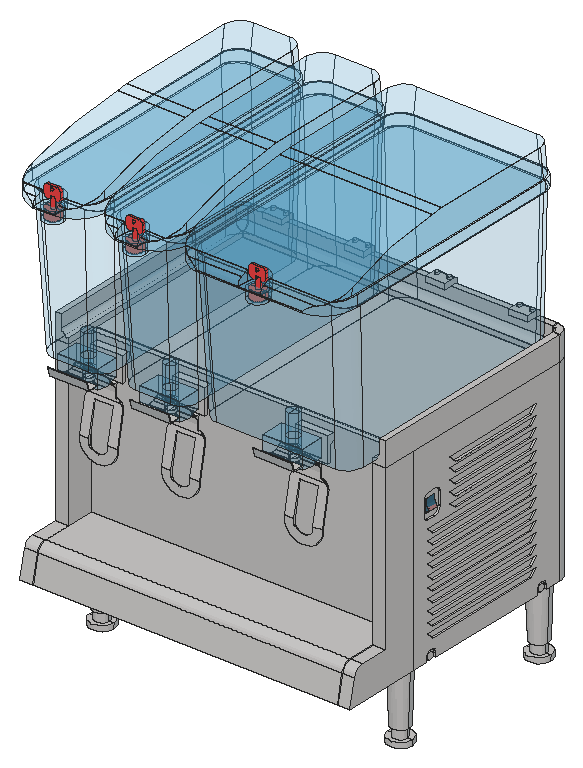
Revit family "QF_ELECTROLUXPROFESSIONAL_600933_ECS3D22", category Specialty Equipment, Revit 2018 (continued)
Definition of nested family "CS1-V2"
  Forms (mm)
    Extrusion 16, void
      sketch origin (0, -238.074, 0) x (-1, 0, 0) y (0, 0, 1)
        loop
          line (-16.464, 359.553) -> (-16.464, 399.609) -> (-36.464, 399.609) -> (-36.464, 259.609) -> (36.464, 259.609) -> (36.464, 399.609) -> (16.464, 399.609) -> (16.464, 359.553)
          arc (16.464, 359.553) -> (26.112, 354.705) -> (30, 344.632) r 14.993
          line (30, 344.632) -> (30, 288.469)
      from 79.263 to 108.929
    Extrusion 17, solid
      sketch origin (0, 0, 0) x (0, 1, 0) y (0, 0, 1)
        loop
          line (-133.507, 380.887) -> (-129.145, 380.887) -> (-129.145, 406.439) -> (-121.488, 410.009) -> (-121.488, 420.078) -> (-133.507, 420.078) -> (-133.507, 380.887)
      from -25 to 24.963
    Extrusion 18, solid
      sketch origin (0, 0, 0) x (0, 1, 0) y (0, 0, 1)
        loop
          line (192, 458) -> (212, 458) -> (212, 447.335) -> (215, 447.335) -> (215, 462.335)
          arc (215, 462.335) -> (213.865, 465.076) -> (211.123, 466.212) r 3.877
          line (211.123, 466.212) -> (192, 466.212) -> (192, 458)
      from -50 to -80
    Extrusion 19, solid
      sketch origin (-65, 0, 420) x (0, -1, 0) y (1, 0, 0)
        loop
          circle (-207, -10) r 3
        loop
          circle (-207, 10) r 3
      from 46.212 to 48.2
    Extrusion 20, solid
      sketch origin (0, 0, 0) x (0, 1, 0) y (0, 0, 1)
        loop
          line (192, 458) -> (212, 458) -> (212, 447.335) -> (215, 447.335) -> (215, 462.335)
          arc (215, 462.335) -> (213.865, 465.076) -> (211.123, 466.212) r 3.877
          line (211.123, 466.212) -> (192, 466.212) -> (192, 458)
      from 80 to 50
    Extrusion 21, solid
      sketch origin (65, 0, 420) x (0, -1, 0) y (1, 0, 0)
        loop
          circle (-207, -10) r 3
        loop
          circle (-207, 10) r 3
      from 46.212 to 48.2
  Cuts and joins
    Extrusion 4, Extrusion 6 cuts Blend 2
    Extrusion 5, Extrusion 6, Extrusion 7 cuts Extrusion 3
    Extrusion 7, Revolve 12 cuts Blend 1
    Extrusion 7 cuts Extrusion 8
    Revolve 12, Extrusion 16 cuts Extrusion 11
    Extrusion 16 cuts Extrusion 15
  Lines and regions (mm)
    symbolic lines
      curve 1: arc (-95, 192, 420) -> (-112.678, 184.678, 420) -> (-120, 167, 420) r 25
      curve 2: arc (-125.206, 167, 420) -> (-117.883, 184.678, 420) -> (-100.206, 192, 420) r 25
      curve 3: arc (-100, 194.9, 420) -> (-119.255, 187.191, 420) -> (-127.869, 168.323, 420) r 27.9
      curve 4: line (-100, 194.9, 420) -> (100, 194.9, 420)
      curve 5: arc (127.869, 168.323, 420) -> (119.255, 187.191, 420) -> (100, 194.9, 420) r 27.9
      curve 6: arc (99.794, 192, 420) -> (117.472, 184.678, 420) -> (124.794, 167, 420) r 25
      curve 7: arc (120, 167, 420) -> (112.678, 184.678, 420) -> (95, 192, 420) r 25
      curve 8: line (99.794, 192, 420) -> (-100.206, 192, 420)
      curve 9: line (-127.869, -201.845, 420) -> (-127.869, 168.323, 420)
      curve 10: line (-125.206, -210.038, 420) -> (-125.206, 167, 420)
      curve 11: line (-120, 167, 420) -> (-120, -26.39, 420)
      curve 12: line (120, -26.39, 420) -> (120, 167, 420)
      curve 13: line (124.794, 167, 420) -> (124.794, -210.038, 420)
      curve 14: line (127.869, 168.323, 420) -> (127.869, -201.845, 420)
      curve 15: line (-120, -26.39, 420) -> (120, -26.39, 420)
      curve 16: arc (-127.869, -201.845, 420) -> (-115.614, -236.607, 420) -> (-84.269, -256, 420) r 55.433
      curve 17: arc (-114.9, -237.968, 420) -> (-122.547, -224.923, 420) -> (-125.206, -210.038, 420) r 43
      curve 18: spline (-123.835, -207.457, 420) -> (-123.908, -210.163, 420) -> (-123.828, -212.865, 420) -> (-123.596, -215.554, 420) -> (-123.212, -218.224, 420) -> (-122.678, -220.866, 420) -> (-121.994, -223.473, 420) -> (-121.163, -226.037, 420) -> (-120.188, -228.551, 420) -> (-119.07, -231.008, 420) -> (-117.814, -233.401, 420) -> (-116.423, -235.723, 420) -> (-114.9, -237.968, 420)
      curve 19: arc (84.269, -256, 420) -> (115.614, -236.607, 420) -> (127.869, -201.845, 420) r 55.433
      curve 20: arc (124.794, -210.038, 420) -> (122.136, -224.923, 420) -> (114.489, -237.968, 420) r 43
      curve 21: spline (114.489, -237.968, 420) -> (116.021, -235.721, 420) -> (117.421, -233.396, 420) -> (118.687, -231.001, 420) -> (119.814, -228.543, 420) -> (120.798, -226.028, 420) -> (121.638, -223.463, 420) -> (122.331, -220.857, 420) -> (122.874, -218.216, 420) -> (123.267, -215.547, 420) -> (123.508, -212.86, 420) -> (123.596, -210.16, 420) -> (123.532, -207.457, 420)
      curve 22: line (124.794, 167, 420) -> (124.794, -210.038, 420)
      curve 23: line (-17.633, -256, 420) -> (-17.633, -238.074, 420)
      curve 24: line (13.327, -240.074, 420) -> (-13.327, -240.074, 420)
      curve 25: line (-13.327, -236.074, 420) -> (13.327, -236.074, 420)
      curve 26: line (17.633, -238.074, 420) -> (17.633, -256, 420)
      curve 27: line (84.269, -256, 420) -> (-84.269, -256, 420)
      curve 28: arc (2.777, -240.074, 420) -> (0, -241.496, 420) -> (-2.777, -240.074, 420) r 3.422
      curve 29: line (-120, -26.39, 420) -> (-123.835, -207.457, 420)
      curve 30: line (120, -26.39, 420) -> (123.532, -207.457, 420)
      curve 31: arc (17.633, -238.074, 420) -> (0, -220.441, 420) -> (-17.633, -238.074, 420) r 17.633
      curve 32: line (13.327, -240.074, 420) -> (13.327, -236.074, 420)
      curve 33: line (-13.327, -240.074, 420) -> (-13.327, -236.074, 420)
      curve 34: arc (-11.832, -236.074, 420) -> (0, -226.074, 420) -> (11.832, -236.074, 420) r 12
      curve 35: arc (11.832, -240.074, 420) -> (0, -250.074, 420) -> (-11.832, -240.074, 420) r 12
      curve 36: circle (0, -238.074, 420) r 15.757 normal (0, 0, -1)
      curve 37: arc (-2.777, -236.074, 420) -> (0, -234.652, 420) -> (2.777, -236.074, 420) r 3.422
      curve 38: line (-80, 194.9, 420) -> (-80, 215, 420)
      curve 39: line (-80, 215, 420) -> (-50, 215, 420)
      curve 40: line (-50, 215, 420) -> (-50, 194.9, 420)
      curve 41: circle (-75, 207, 420) r 3 normal (0, 0, -1)
      curve 42: circle (-55, 207, 420) r 3 normal (0, 0, 1)
      curve 43: line (80, 194.9, 420) -> (80, 215, 420)
      curve 44: line (80, 215, 420) -> (50, 215, 420)
      curve 45: line (50, 215, 420) -> (50, 194.9, 420)
      curve 46: circle (75, 207, 420) r 3 normal (0, 0, 1)
      curve 47: circle (55, 207, 420) r 3 normal (0, 0, -1)
  Dimensions and locks
    plane 4 "FEET" to level = 110.0 mm
    equal spacing: plane 6 "LEFT", plane 3 "Center (Left/Right)", plane 7 "RIGHT"
    plane 5 "BACK" to plane 1 "Center (Front/Back)" = 212.0 mm
    plane 6 "LEFT" to plane 7 "RIGHT" = 266.0 mm
    plane 7 "RIGHT" to plane 6 "LEFT" = 266.0 mm
    plane 5 "BACK" to plane 10 "FRONT" = 468.0 mm
    plane 9 "TOP" to level = 729.0 mm
    plane 8 "TopBase" to level = 420.0 mm
    radius of Extrusion 7 sketch curve = 12.0 mm
    aligned and locked: level to plane 2 "BASE"
  Automatic sketch dimensions
    Blend 1 sketch curve to plane 11 "Fillet" = 0.0 mm  (x2)
    Blend 1 sketch curve to Blend 1 sketch curve = 25.0 mm  (x3)
    plane 14 to Blend 1 sketch curve = 9.545 mm  (x2)
    plane 6 "LEFT" to Blend 1 sketch curve = 14.5 mm
    plane 7 "RIGHT" to Blend 1 sketch curve = 39.5 mm
    plane 7 "RIGHT" to Blend 1 sketch curve = 8.0 mm
    Blend 1 sketch curve to plane 11 "Fillet" = 25.0 mm  (x2)
    plane 6 "LEFT" to Blend 1 sketch curve = 8.0 mm
    plane 14 to Blend 1 sketch curve = 24.545 mm  (x2)
    plane 13 "Key" to Blend 1 sketch curve = 20.074 mm
    Blend 2 sketch curve to plane 11 "Fillet" = 0.0 mm  (x2)
    plane 6 "LEFT" to Blend 2 sketch curve = 7.794 mm
    Blend 2 sketch curve to plane 11 "Fillet" = 25.0 mm  (x3)
    Blend 2 sketch curve to Blend 2 sketch curve = 25.0 mm
    plane 13 "Key" to Blend 2 sketch curve = 28.035 mm  (x2)
    plane 7 "RIGHT" to Blend 2 sketch curve = 8.206 mm
    plane 10 "FRONT" to Blend 2 sketch curve = 2.962 mm
    plane 7 "RIGHT" to Blend 2 sketch curve = 13.0 mm
    plane 6 "LEFT" to Blend 2 sketch curve = 13.0 mm
    plane 14 to Blend 2 sketch curve = 31.683 mm  (x2)
    plane 10 "FRONT" to Blend 2 sketch curve = 5.862 mm
    Extrusion 3 sketch curve to plane 10 "FRONT" = 0.0 mm
    plane 14 to Extrusion 3 sketch curve = 33.389 mm  (x2)
    Extrusion 3 sketch curve to plane 11 "Fillet" = 25.0 mm  (x2)
    plane 6 "LEFT" to Extrusion 3 sketch curve = 5.131 mm
    Extrusion 3 sketch curve to plane 11 "Fillet" = 23.677 mm  (x2)
    plane 7 "RIGHT" to Extrusion 3 sketch curve = 5.131 mm
    plane 11 "Fillet" to Extrusion 3 sketch curve = 2.9 mm
    plane 6 "LEFT" to Extrusion 3 sketch curve = 48.731 mm
    Extrusion 3 sketch curve to Extrusion 3 sketch curve = 55.433 mm
    Extrusion 4 sketch curve to plane 10 "FRONT" = 0.0 mm
    plane 9 "TOP" to Extrusion 4 sketch curve = 0.0 mm
    plane 10 "FRONT" to Extrusion 4 sketch curve = 1.274 mm
    Extrusion 4 sketch curve to plane 13 "Key" = 0.619 mm
    plane 9 "TOP" to Extrusion 4 sketch curve = 0.989 mm
    plane 1 "Center (Front/Back)" to Extrusion 4 sketch curve = 45.263 mm
    Extrusion 4 sketch curve to Extrusion 4 sketch curve = 18.873 mm
    plane 1 "Center (Front/Back)" to Extrusion 4 sketch curve = 13.885 mm
    plane 9 "TOP" to Extrusion 4 sketch curve = 56.197 mm
    Extrusion 4 sketch curve to Extrusion 4 sketch curve = 3.5 mm
    Extrusion 4 sketch curve to Extrusion 4 sketch curve = 5.836 mm
    plane 4 "FEET" to Extrusion 4 sketch curve = 19.287 mm
    Extrusion 4 sketch curve to plane 9 "TOP" = 5.0 mm
    Extrusion 5 sketch curve to plane 10 "FRONT" = 0.0 mm
    Extrusion 5 sketch curve to plane 10 "FRONT" = 6.493 mm
    Extrusion 5 sketch curve to plane 13 "Key" = 6.081 mm
    plane 13 "Key" to Extrusion 5 sketch curve = 9.232 mm
    plane 1 "Center (Front/Back)" to Extrusion 5 sketch curve = 13.885 mm
    plane 4 "FEET" to Extrusion 5 sketch curve = 19.287 mm
    plane 9 "TOP" to Extrusion 5 sketch curve = 58.962 mm
    Extrusion 5 sketch curve to Extrusion 5 sketch curve = 18.935 mm
    Extrusion 6 sketch curve to plane 3 "Center (Left/Right)" = 0.0 mm
    Extrusion 6 sketch curve to plane 13 "Key" = 0.0 mm
    Extrusion 6 sketch curve to plane 10 "FRONT" = 0.0 mm
    Extrusion 6 sketch curve to plane 3 "Center (Left/Right)" = 17.633 mm
    Extrusion 7 sketch curve to plane 3 "Center (Left/Right)" = 0.0 mm
    Extrusion 7 sketch curve to plane 13 "Key" = 0.0 mm
    Extrusion 8 sketch curve to plane 3 "Center (Left/Right)" = 0.0 mm
    Extrusion 8 sketch curve to plane 13 "Key" = 0.0 mm
    Revolve 9 sketch curve to plane 3 "Center (Left/Right)" = 0.0 mm  (x2)
    Revolve 9 sketch curve to Revolve 9 sketch curve = 3.422 mm
    Revolve 9 sketch curve to Revolve 9 sketch curve = 12.0 mm
    plane 9 "TOP" to Revolve 9 sketch curve = 75.627 mm
    Revolve 9 sketch curve to Revolve 9 sketch curve = 13.627 mm
    Revolve 9 sketch curve to Revolve 9 sketch curve = 16.398 mm
    Revolve 9 sketch curve to Revolve 9 sketch curve = 2.303 mm
    plane 9 "TOP" to Revolve 9 sketch curve = 22.746 mm
    Extrusion 10 sketch curve to plane 3 "Center (Left/Right)" = 0.0 mm
    plane 3 "Center (Left/Right)" to Extrusion 10 sketch curve = 2.422 mm
    plane 3 "Center (Left/Right)" to Extrusion 10 sketch curve = 7.327 mm
    Extrusion 10 sketch curve to Extrusion 10 sketch curve = 4.905 mm  (x2)
    Extrusion 10 sketch curve to Extrusion 10 sketch curve = 6.0 mm  (x2)
    Extrusion 10 sketch curve to plane 3 "Center (Left/Right)" = 2.422 mm
    Extrusion 10 sketch curve to plane 3 "Center (Left/Right)" = 7.327 mm
    plane 9 "TOP" to Extrusion 10 sketch curve = 50.602 mm
    Extrusion 10 sketch curve to Extrusion 10 sketch curve = 0.0 mm
    Extrusion 10 sketch curve to Extrusion 10 sketch curve = 5.0 mm
    Extrusion 10 sketch curve to Extrusion 10 sketch curve = 8.0 mm
    Extrusion 10 sketch curve to Extrusion 10 sketch curve = 0.707 mm
    plane 8 "TopBase" to Extrusion 11 sketch curve = 8.0 mm
    plane 14 to Extrusion 11 sketch curve = 22.045 mm
    plane 14 to Extrusion 11 sketch curve = 5.651 mm
    Extrusion 11 sketch curve to plane 14 = 4.349 mm
    Extrusion 11 sketch curve to Extrusion 11 sketch curve = 4.499 mm  (x2)
    Extrusion 11 sketch curve to plane 14 = 15.339 mm
    Extrusion 11 sketch curve to plane 8 "TopBase" = 20.391 mm
    Extrusion 11 sketch curve to plane 8 "TopBase" = 22.0 mm
    Revolve 12 sketch curve to plane 14 = 0.0 mm  (x2)
    plane 14 to Revolve 12 sketch curve = 5.694 mm
    plane 14 to Revolve 12 sketch curve = 6.896 mm
    Revolve 12 sketch curve to Revolve 12 sketch curve = 9.871 mm
    Revolve 12 sketch curve to plane 8 "TopBase" = 32.0 mm
    Revolve 12 sketch curve to Revolve 12 sketch curve = 10.0 mm
    Revolve 12 sketch curve to plane 8 "TopBase" = 9.016 mm
    plane 8 "TopBase" to Revolve 12 sketch curve = 43.265 mm
    Revolve 12 sketch curve to Revolve 12 sketch curve = 0.0 mm
    Revolve 12 sketch curve to Revolve 12 sketch curve = 20.0 mm
    Revolve 13 sketch curve to plane 14 = 0.0 mm  (x2)
    Revolve 13 sketch curve to plane 14 = 5.0 mm
    Revolve 13 sketch curve to Revolve 13 sketch curve = 1.896 mm
    Revolve 13 sketch curve to plane 8 "TopBase" = 34.891 mm
    Revolve 13 sketch curve to Revolve 13 sketch curve = 10.0 mm
    Revolve 13 sketch curve to Revolve 13 sketch curve = 2.891 mm
    Revolve 13 sketch curve to Revolve 13 sketch curve = 7.275 mm
    Revolve 13 sketch curve to plane 8 "TopBase" = 9.016 mm
    Extrusion 14 sketch curve to plane 8 "TopBase" = 2.068 mm
    plane 13 "Key" to Extrusion 14 sketch curve = 26.654 mm
    Extrusion 14 sketch curve to plane 8 "TopBase" = 1.776 mm
    Extrusion 14 sketch curve to Extrusion 14 sketch curve = 0.956 mm
    Extrusion 14 sketch curve to Extrusion 14 sketch curve = 4.082 mm
    Extrusion 14 sketch curve to Extrusion 14 sketch curve = 0.74 mm
    Extrusion 14 sketch curve to Extrusion 14 sketch curve = 16.098 mm
    Extrusion 15 sketch curve to Extrusion 15 sketch curve = 0.0 mm  (x3)
    plane 14 to Extrusion 15 sketch curve = 26.535 mm
    Extrusion 15 sketch curve to plane 14 = 10.37 mm
    Extrusion 15 sketch curve to Extrusion 15 sketch curve = 1.305 mm
    Extrusion 15 sketch curve to plane 14 = 19.205 mm
    Extrusion 15 sketch curve to Extrusion 15 sketch curve = 1.0 mm  (x2)
    Extrusion 15 sketch curve to Extrusion 15 sketch curve = 16.592 mm
    Extrusion 15 sketch curve to Extrusion 15 sketch curve = 0.466 mm
    Extrusion 15 sketch curve to Extrusion 15 sketch curve = 2.352 mm
    Extrusion 15 sketch curve to Extrusion 15 sketch curve = 0.812 mm
    Extrusion 15 sketch curve to Extrusion 15 sketch curve = 0.98 mm
    Extrusion 15 sketch curve to Extrusion 15 sketch curve = 1.114 mm
    Extrusion 15 sketch curve to Extrusion 15 sketch curve = 4.417 mm
    Extrusion 15 sketch curve to Extrusion 15 sketch curve = 0.264 mm
    Extrusion 15 sketch curve to Extrusion 15 sketch curve = 2.731 mm
    plane 4 "FEET" to Extrusion 15 sketch curve = 149.609 mm
    Extrusion 15 sketch curve to Extrusion 15 sketch curve = 36.479 mm
    Extrusion 15 sketch curve to Extrusion 15 sketch curve = 0.1 mm
    Extrusion 15 sketch curve to Extrusion 15 sketch curve = 58.714 mm
    Extrusion 15 sketch curve to Extrusion 15 sketch curve = 0.198 mm
    Extrusion 15 sketch curve to plane 8 "TopBase" = 53.36 mm
    Extrusion 15 sketch curve to Extrusion 15 sketch curve = 1.594 mm
    Extrusion 15 sketch curve to Extrusion 15 sketch curve = 1.5 mm
    Extrusion 15 sketch curve to plane 8 "TopBase" = 20.391 mm
    Extrusion 16 sketch curve to Extrusion 16 sketch curve = 0.0 mm  (x3)
    Extrusion 16 sketch curve to plane 3 "Center (Left/Right)" = 0.0 mm
    plane 3 "Center (Left/Right)" to Extrusion 16 sketch curve = 15.0 mm
    Extrusion 16 sketch curve to Extrusion 16 sketch curve = 0.007 mm  (x2)
    plane 3 "Center (Left/Right)" to Extrusion 16 sketch curve = 16.464 mm
    Extrusion 16 sketch curve to Extrusion 16 sketch curve = 15.0 mm  (x2)
    Extrusion 16 sketch curve to Extrusion 16 sketch curve = 20.0 mm  (x2)
    Extrusion 16 sketch curve to plane 3 "Center (Left/Right)" = 15.0 mm
    Extrusion 16 sketch curve to plane 3 "Center (Left/Right)" = 16.464 mm
    plane 4 "FEET" to Extrusion 16 sketch curve = 149.609 mm
    Extrusion 16 sketch curve to Extrusion 16 sketch curve = 28.671 mm
    Extrusion 16 sketch curve to Extrusion 16 sketch curve = 0.19 mm
    Extrusion 16 sketch curve to Extrusion 16 sketch curve = 8.0 mm
    Extrusion 16 sketch curve to Extrusion 16 sketch curve = 56.163 mm
    Extrusion 16 sketch curve to Extrusion 16 sketch curve = 3.647 mm
    Extrusion 16 sketch curve to plane 8 "TopBase" = 20.391 mm  (x2)
    Extrusion 17 sketch curve to plane 14 = 34.948 mm
    Extrusion 17 sketch curve to Extrusion 17 sketch curve = 4.362 mm
    Extrusion 17 sketch curve to Extrusion 17 sketch curve = 7.657 mm
    Extrusion 17 sketch curve to plane 8 "TopBase" = 39.113 mm
    Extrusion 17 sketch curve to plane 8 "TopBase" = 13.561 mm
    Extrusion 17 sketch curve to Extrusion 17 sketch curve = 3.57 mm
    plane 8 "TopBase" to Extrusion 17 sketch curve = 0.078 mm
    Extrusion 18 sketch curve to plane 11 "Fillet" = 0.0 mm
    Extrusion 18 sketch curve to plane 5 "BACK" = 0.0 mm
    Extrusion 18 sketch curve to plane 5 "BACK" = 0.877 mm
    Extrusion 18 sketch curve to Extrusion 18 sketch curve = 3.0 mm
    plane 8 "TopBase" to Extrusion 18 sketch curve = 27.335 mm
    Extrusion 18 sketch curve to Extrusion 18 sketch curve = 10.665 mm
    Extrusion 18 sketch curve to Extrusion 18 sketch curve = 4.335 mm
    Extrusion 19 sketch curve to plane 5 "BACK" = 5.0 mm  (x2)
    plane 6 "LEFT" to Extrusion 19 sketch curve = 58.0 mm
    Extrusion 19 sketch curve to Extrusion 19 sketch curve = 20.0 mm
    Extrusion 20 sketch curve to plane 11 "Fillet" = 0.0 mm
    Extrusion 20 sketch curve to plane 5 "BACK" = 0.0 mm
    Extrusion 20 sketch curve to plane 5 "BACK" = 0.877 mm
    Extrusion 20 sketch curve to Extrusion 20 sketch curve = 3.0 mm
    plane 8 "TopBase" to Extrusion 20 sketch curve = 27.335 mm
    Extrusion 20 sketch curve to Extrusion 20 sketch curve = 10.665 mm
    Extrusion 20 sketch curve to Extrusion 20 sketch curve = 4.335 mm
    Extrusion 21 sketch curve to plane 5 "BACK" = 5.0 mm  (x2)
    plane 3 "Center (Left/Right)" to Extrusion 21 sketch curve = 55.0 mm
    Extrusion 21 sketch curve to Extrusion 21 sketch curve = 20.0 mm
    curve 28 to curve 31 = 0.0 mm
    curve 28 to curve 34 = 0.0 mm  (x2)
    curve 28 to curve 35 = 0.0 mm  (x2)
    curve 28 to curve 36 = 0.0 mm
    curve 28 to curve 37 = 0.0 mm
    curve 31 to curve 37 = 0.0 mm
    curve 35 to curve 36 = 0.0 mm
    curve 36 to curve 37 = 0.0 mm
    curve 8 to plane 11 "Fillet" = 0.0 mm
    curve 34 to plane 3 "Center (Left/Right)" = 0.0 mm
    curve 34 to plane 13 "Key" = 0.0 mm
    curve 26 to plane 10 "FRONT" = 0.0 mm
    plane 11 "Fillet" to curve 4 = 2.9 mm
    curve 47 to plane 5 "BACK" = 5.0 mm
    curve 41 to plane 5 "BACK" = 5.0 mm
    curve 42 to plane 5 "BACK" = 5.0 mm
    curve 46 to plane 5 "BACK" = 5.0 mm
    plane 5 "BACK" to curve 44 = 3.0 mm
    plane 5 "BACK" to curve 40 = 3.0 mm
    plane 7 "RIGHT" to curve 14 = 5.131 mm
    curve 14 to plane 11 "Fillet" = 23.677 mm
    plane 6 "LEFT" to curve 9 = 5.131 mm
    curve 9 to plane 11 "Fillet" = 23.677 mm
    curve 7 to curve 7 = 25.0 mm
    curve 3 to curve 10 = 1.323 mm
    curve 7 to curve 5 = 0.0 mm
    curve 2 to curve 3 = 0.0 mm
    curve 2 to curve 11 = 0.0 mm
    curve 5 to curve 13 = 1.323 mm
    plane 7 "RIGHT" to curve 12 = 13.0 mm
    plane 1 "Center (Front/Back)" to curve 12 = 26.39 mm
    plane 14 to curve 19 = 33.389 mm
    plane 14 to curve 9 = 33.389 mm
    plane 6 "LEFT" to curve 29 = 9.165 mm
    curve 16 to curve 29 = 5.612 mm
    plane 7 "RIGHT" to curve 30 = 9.468 mm
    curve 19 to curve 30 = 5.612 mm
    curve 29 to curve 10 = 2.581 mm
    curve 30 to curve 22 = 2.581 mm
    plane 13 "Key" to curve 25 = 2.0 mm
    curve 32 to plane 13 "Key" = 2.0 mm
    curve 10 to curve 29 = 1.37 mm
    plane 6 "LEFT" to curve 29 = 13.0 mm
    plane 6 "LEFT" to curve 27 = 48.731 mm
    curve 17 to curve 16 = 9.77 mm
    curve 1 to curve 38 = 15.0 mm
    curve 38 to curve 41 = 5.0 mm
    curve 41 to curve 42 = 20.0 mm
    curve 42 to curve 40 = 5.0 mm
    curve 23 to curve 28 = 17.633 mm
    curve 23 to curve 33 = 4.306 mm
    curve 32 to curve 31 = 4.306 mm
    plane 3 "Center (Left/Right)" to curve 44 = 50.0 mm
    curve 44 to curve 47 = 5.0 mm
    curve 19 to curve 21 = 51.096 mm
    curve 47 to curve 46 = 20.0 mm
    curve 46 to curve 44 = 5.0 mm
    curve 19 to curve 20 = 9.359 mm
    curve 8 to curve 5 = 0.206 mm
    curve 16 to curve 18 = 6.764 mm
    curve 19 to curve 21 = 6.913 mm
    curve 20 to curve 21 = 9.411 mm
    curve 10 to curve 18 = 12.185 mm
    plane 13 "Key" to curve 17 = 0.106 mm
    plane 13 "Key" to curve 20 = 0.106 mm
    curve 25 to curve 34 = 1.495 mm
    curve 24 to curve 35 = 1.495 mm
    curve 28 to plane 3 "Center (Left/Right)" = 2.777 mm
    curve 37 to plane 3 "Center (Left/Right)" = 2.777 mm
    radius of Extrusion 8 sketch curve = 15.757 mm
    radius of Extrusion 10 sketch curve = 3.0 mm
    radius of Extrusion 19 sketch curve = 3.0 mm  (x2)
    radius of Extrusion 21 sketch curve = 3.0 mm  (x2)
    radius of curve 36 = 15.757 mm
    radius of curve 41 = 3.0 mm
    radius of curve 42 = 3.0 mm
    radius of curve 46 = 3.0 mm
    radius of curve 47 = 3.0 mm
